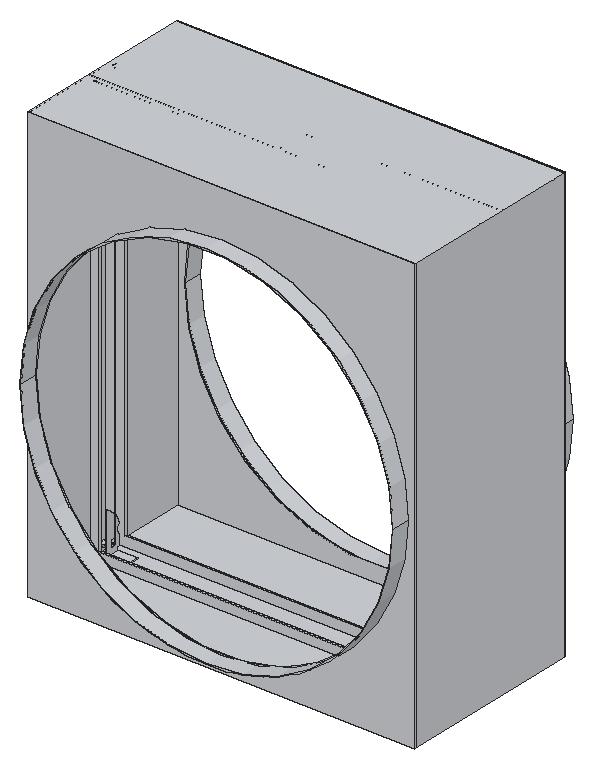
Revit family "FDD-SC", category Mechanical Equipment, Revit 2015
Parameters
  URL = "http://unitedenertech.com/catalog/pdf/A-6%20%20FDD-SC.pdf"
  Type Comments = "Max. Sizes are (Rectangular or Oval Vertical 71\"w x 32\"h) (Rectangular of Oval Horizontal 35\"w x 32\"h) (Round Vertical 31\" Diameter) (Round Horizontal 20\" Diameter) (Round LP Vertical 33\" Diameter) (Round LP Horizontal 22\" Diameter)"
  Radius OD [instance] = Radius + 0' 0 9/256"  # 1' - 0 9/256"
  Radius [instance] = Diameter / 2  # 1' - 0"
  Model = "FDD-SC"
  Manufacturer = "United Enertech Corporation"
  Keynote = "Round Transitions Shown, Consult Factory for Models with Rectangular, Oval, or Round Low Profile Transitions"
  Exact Width = Diameter + 0' 1"  # 2' - 1"
  EFL Height [instance] = Blade Pair Number * 0' 0 13/32" + 0' 0 41/64"  # 0' - 3 31/64"
  Diameter = 2' - 0"
  Description = "Curtain Fire Damper for use in Static or Dynamic Systems"
  Damper Height = if(Diameter < 1' 8 1/4", Diameter + 0' 3", if(Diameter < 2' 8 1/4", Diameter + 0' 4", if(Diameter < 3' 10 1/4", Diameter + 0' 5", Diameter + 0' 5")))  # 2' - 4"
  Depth = 1' - 0"
  Center Mark [instance] = Radius + 0' 1"  # 1' - 1"
  Blade Width [instance] = Exact Width - 0' 0 1/8"  # 2' - 0 7/8"
  Blade Pair Number [instance] = (Damper Height - 0' 0 9/128") / 0' 3 7/8"  # 7
Reference planes (in)
  plane 1 "Center (Front/Back)": y = 0
  plane 2: z = 0
  plane 3 "Center (Left/Right)": x = 0
  plane 4: x = -12.5
  plane 5: x = 12.5
  plane 6: y = -6
  plane 7: y = 6
  plane 8: z = 28
  plane 9: x = -12.4641
  plane 10: x = 12.4641
  plane 11: z = 0.0359
  plane 12: z = 27.9641
  plane 13: y = 1.09375
  plane 14: y = -1.09375
  plane 15: y = -0.96875
  plane 16: y = 0.96875
  plane 17: z = 0.6609
  plane 18: x = -11.8391
  plane 19: x = 11.8391
  plane 20: z = 27.3391
  plane 21: x = -0.25
  plane 22: x = 0.25
  plane 23: z = 24.47973
  plane 24: z = 24.51563
  plane 25: y = -6.0359
  plane 26: y = 6.0359
  plane 27: z = 1
  plane 28: y = -7.25
  plane 29: y = 7.25
  plane 30: z = 13
Forms (in)
  Extrusion 1, solid
    sketch origin (0, 0, 0) x (1, 0, 0) y (0, 0, 1)
      loop
        line (-12.4641, 27.9641) -> (-12.4641, 0.0359) -> (12.4641, 0.0359) -> (12.4641, 27.9641) -> (-12.4641, 27.9641)
      loop
        line (-12.5, 28) -> (-12.5, 0) -> (12.5, 0) -> (12.5, 28) -> (-12.5, 28)
    from -6 to 6
  Extrusion 2, solid
    sketch origin (0, 0, 0) x (1, 0, 0) y (0, 0, 1)
      loop
        line (-11.8391, 27.3391) -> (-11.8391, 0.6609) -> (11.8391, 0.6609) -> (11.8391, 27.3391) -> (-11.8391, 27.3391)
      loop
        line (-12.4641, 27.9641) -> (-12.4641, 0.0359) -> (12.4641, 0.0359) -> (12.4641, 27.9641) -> (-12.4641, 27.9641)
    from 0.96875 to 1.09375
  Extrusion 3, solid
    sketch origin (0, 0, 0) x (1, 0, 0) y (0, 0, 1)
      loop
        line (-11.8391, 27.3391) -> (-11.8391, 0.6609) -> (11.8391, 0.6609) -> (11.8391, 27.3391) -> (-11.8391, 27.3391)
      loop
        line (-12.4641, 27.9641) -> (-12.4641, 0.0359) -> (12.4641, 0.0359) -> (12.4641, 27.9641) -> (-12.4641, 27.9641)
    from -1.09375 to -0.96875
  Extrusion 4, solid
    sketch origin (0, 0, 0) x (0, 1, 0) y (0, 0, 1)
      loop
        line (0.96875, 27.9641) -> (0.93285, 27.9641) -> (0.93285, 24.47973) -> (1.43285, 24.47973) -> (1.43285, 25.14848) -> (1.39695, 25.14848) -> (1.39695, 24.51563) -> (0.96875, 24.51563) -> (0.96875, 27.9641)
    from -0.25 to 0.25
  Extrusion 5, solid
    sketch origin (0, 0, 0) x (0, -1, 0) y (0, 0, -1)
      loop
        line (0.96875, -27.9641) -> (0.96875, -24.51563) -> (1.39695, -24.51563) -> (1.39695, -25.14848) -> (1.43285, -25.14848) -> (1.43285, -24.47973) -> (0.93285, -24.47973) -> (0.93285, -27.9641) -> (0.96875, -27.9641)
    from -0.25 to 0.25
  Extrusion 6, solid
    sketch origin (0, 0, 0) x (1, 0, 0) y (0, 0, 1)
      loop
        line (-12.5, 0) -> (12.5, 0) -> (12.5, 28) -> (-12.5, 28) -> (-12.5, 0)
    from 6 to 6.0359
  Extrusion 7, solid
    sketch origin (0, 0, 0) x (1, 0, 0) y (0, 0, 1)
      loop
        line (-12.5, 0) -> (12.5, 0) -> (12.5, 28) -> (-12.5, 28) -> (-12.5, 0)
    from -6.0359 to -6
  Extrusion 8, solid
    sketch origin (0, 0, 0) x (1, 0, 0) y (0, 0, 1)
      loop
        circle (0, 13) r 12
      loop
        circle (0, 13) r 12.03516
    from 6.0359 to 7.25
  Extrusion 9, solid
    sketch origin (0, 0, 0) x (1, 0, 0) y (0, 0, -1)
      loop
        circle (0, -13) r 12
      loop
        circle (0, -13) r 12.03516
    from 6.0359 to 7.25
  Extrusion 10, solid
    sketch origin (0, 0, 0) x (1, 0, 0) y (0, 0, 1)
      loop
        line (-12.5, 28) -> (-12.5, 0) -> (12.5, 0) -> (12.5, 28) -> (-12.5, 28)
    from 6 to 6.0359
  Extrusion 11, void
    sketch origin (0, 0, 0) x (1, 0, 0) y (0, 0, 1)
      loop
        circle (0, 13) r 12
    from 6 to 12
  Extrusion 12, void
    sketch origin (0, 0, 0) x (1, 0, 0) y (0, 0, 1)
      loop
        circle (0, 13) r 12
    from -5.53745 to -13.52645
  Extrusion 13, solid
    sketch origin (0, 0, 0) x (0, 1, 0) y (0, 0, 1)
      loop
        line (0.18683, 0.46965) -> (0.18683, 24.47973) -> (0.15093, 24.47973) -> (0.15093, 0.46965) -> (0.18683, 0.46965)
    from 11.8391 to 12.4641
  Extrusion 14, solid
    sketch origin (0, 0, 0) x (0, 1, 0) y (0, 0, 1)
      loop
        line (0.18683, 0.46965) -> (0.18683, 24.47973) -> (0.15093, 24.47973) -> (0.15093, 0.46965) -> (0.18683, 0.46965)
    from -11.8391 to -12.4641
  Extrusion 15, solid
    sketch origin (0, 0, 0) x (0, 1, 0) y (0, 0, 1)
      loop
        arc (0.18683, 24.47973) -> (0.08831, 24.87226) -> (-0.15941, 25.19229) r 0.98736
        line (-0.15941, 25.19229) -> (-0.18442, 25.16728)
        arc (-0.18442, 25.16728) -> (0.05139, 24.85674) -> (0.15093, 24.47973) r 1.00288
        line (0.15093, 24.47973) -> (0.18683, 24.47973)
    from 11.8391 to 12.4641
  Extrusion 16, solid
    sketch origin (0, 0, 0) x (0, 1, 0) y (0, 0, 1)
      loop
        arc (0.18683, 24.47973) -> (0.08831, 24.87226) -> (-0.15941, 25.19229) r 0.98736
        line (-0.15941, 25.19229) -> (-0.18442, 25.16728)
        arc (-0.18442, 25.16728) -> (0.05139, 24.85674) -> (0.15093, 24.47973) r 1.00288
        line (0.15093, 24.47973) -> (0.18683, 24.47973)
    from -12.4641 to -11.8391
Cuts and joins
  Extrusion 11, Extrusion 12 cuts Extrusion 2
  Extrusion 11, Extrusion 12 cuts Extrusion 5
  Extrusion 11, Extrusion 12 cuts Extrusion 6
  Extrusion 11, Extrusion 12 cuts Extrusion 8
  Extrusion 11, Extrusion 12 cuts Extrusion 10
  Extrusion 12 cuts Extrusion 7
Dimensions and locks (in)
  equal spacing: plane 4, plane 3 "Center (Left/Right)", plane 5
  "Exact Width": plane 4 to plane 5
  equal spacing: plane 7, plane 1 "Center (Front/Back)", plane 6
  "Depth": plane 7 to plane 6
  "Damper Height": plane 8 to level
  locked: plane 9 to plane 4 at 0.0359
  locked: plane 5 to plane 10 at 0.0359
  locked: plane 8 to plane 12 at 0.0359
  locked: plane 11 to level at 0.0359
  locked: plane 13 to plane 14 at 2.1875
  locked: plane 15 to plane 14 at 0.125
  locked: plane 13 to plane 16 at 0.125
  locked: plane 18 to plane 9 at 0.625
  locked: plane 10 to plane 19 at 0.625
  locked: plane 17 to plane 11 at 0.625
  locked: plane 12 to plane 20 at 0.625
  equal spacing: group 1, group 2, group 3, group 4, group 5, group 6, group 7  (x2)
  equal spacing: group 7, group 6, group 5, group 4, group 3, group 2, group 1
  locked: nested 1 to nested 2 at 0.40625
  "EFL Height": plane 12 to plane 23
  locked: plane 24 to plane 23 at 0.0359
  locked: plane 6 to plane 25 at 0.0359
  locked: plane 7 to plane 26 at 0.0359
  locked: plane 27 to level at 1
  locked: plane 6 to plane 28 at 1.25
  locked: plane 29 to plane 7 at 1.25
  "Center Mark": plane 30 to level
  "Radius OD": radius of Extrusion 8 sketch curve
  "Radius": radius of Extrusion 8 sketch curve
  "Radius OD": radius of Extrusion 9 sketch curve
  "Radius": radius of Extrusion 9 sketch curve
  "Radius": radius of Extrusion 11 sketch curve
  "Radius": radius of Extrusion 12 sketch curve
  aligned and locked: level to plane 2
  aligned and locked: level to Extrusion 1 sketch curve
  aligned and locked: Extrusion 1 sketch curve to plane 4
  aligned and locked: Extrusion 1 sketch curve to plane 5
  aligned and locked: Extrusion 1 sketch curve to plane 8
  aligned and locked: Extrusion 1 sketch curve to plane 12
  aligned and locked: Extrusion 1 sketch curve to plane 10
  aligned and locked: plane 11 to Extrusion 1 sketch curve
  aligned and locked: plane 9 to Extrusion 1 sketch curve
  aligned and locked: plane 7 to Extrusion 1
  aligned and locked: Extrusion 1 to plane 6
  aligned and locked: plane 11 to Extrusion 2 sketch curve
  aligned and locked: plane 9 to Extrusion 2 sketch curve
  aligned and locked: Extrusion 2 sketch curve to plane 10
  aligned and locked: Extrusion 2 sketch curve to plane 12
  aligned and locked: Extrusion 2 sketch curve to plane 20
  aligned and locked: Extrusion 2 sketch curve to plane 19
  aligned and locked: plane 17 to Extrusion 2 sketch curve
  aligned and locked: Extrusion 2 sketch curve to plane 18
  aligned and locked: plane 13 to Extrusion 3
  aligned and locked: Extrusion 3 to plane 16
  aligned and locked: plane 15 to Extrusion 2
  aligned and locked: Extrusion 2 to plane 14
  aligned and locked: plane 3 "Center (Left/Right)" to nested 1
  aligned and locked: plane 12 to nested 1
  aligned and locked: plane 21 to Extrusion 5
  aligned and locked: plane 21 to Extrusion 4
  aligned and locked: plane 22 to Extrusion 5
  aligned and locked: plane 22 to Extrusion 4
  aligned and locked: Extrusion 5 sketch curve to plane 23
  aligned and locked: plane 23 to Extrusion 4 sketch curve
  aligned and locked: plane 24 to Extrusion 4 sketch curve
  aligned and locked: Extrusion 5 sketch curve to plane 24
  aligned and locked: nested 4 to plane 24
  aligned and locked: Extrusion 6 sketch curve to level
  aligned and locked: plane 4 to Extrusion 6 sketch curve
  aligned and locked: plane 5 to Extrusion 6 sketch curve
  aligned and locked: plane 8 to Extrusion 6 sketch curve
  aligned and locked: plane 6 to Extrusion 6
  aligned and locked: Extrusion 6 to plane 25
  aligned and locked: Extrusion 7 to plane 26
  aligned and locked: Extrusion 7 to plane 7
  aligned and locked: plane 25 to Extrusion 8
  aligned and locked: Extrusion 8 to plane 28
  aligned and locked: plane 26 to Extrusion 9
  aligned and locked: Extrusion 9 to plane 29
  aligned and locked: plane 6 to Extrusion 10
  aligned and locked: Extrusion 10 to plane 25
  aligned and locked: plane 6 to Extrusion 11
  aligned and locked: nested 6 to plane 9
  aligned and locked: plane 10 to nested 7
  aligned and locked: Extrusion 13 sketch curve to plane 23
  aligned and locked: Extrusion 14 to plane 9
  aligned and locked: Extrusion 14 to plane 18
  aligned and locked: Extrusion 13 to plane 19
  aligned and locked: Extrusion 13 to plane 10
  aligned and locked: Extrusion 15 sketch curve to plane 23
  aligned and locked: Extrusion 16 to plane 9
  aligned and locked: Extrusion 16 to plane 18
  aligned and locked: plane 10 to Extrusion 15
  aligned and locked: Extrusion 15 to plane 19
Automatic sketch dimensions
  Extrusion 3 sketch curve to plane 9 = 0' - 0"
  Extrusion 3 sketch curve to plane 17 = 0' - 0"
  plane 18 to Extrusion 3 sketch curve = 0' - 0"
  Extrusion 3 sketch curve to plane 19 = 0' - 0"
  plane 10 to Extrusion 3 sketch curve = 0' - 0"
  Extrusion 3 sketch curve to plane 11 = 0' - 0"
  Extrusion 3 sketch curve to plane 20 = 0' - 0"
  Extrusion 3 sketch curve to plane 12 = 0' - 0"
  Extrusion 4 sketch curve to plane 12 = 0' - 0"
  Extrusion 4 sketch curve to plane 16 = 0' - 0"
  Extrusion 4 sketch curve to plane 16 = 0' - 0.0359"
  plane 13 to Extrusion 4 sketch curve = 0' - 0.3032"
  Extrusion 4 sketch curve to Extrusion 4 sketch curve = 0' - 0.0359"
  plane 24 to Extrusion 4 sketch curve = 0' - 0.63285"
  Extrusion 5 sketch curve to plane 12 = 0' - 0"
  Extrusion 5 sketch curve to plane 15 = 0' - 0"
  Extrusion 5 sketch curve to plane 15 = 0' - 0.0359"
  plane 14 to Extrusion 5 sketch curve = 0' - 0.3032"
  Extrusion 5 sketch curve to Extrusion 5 sketch curve = 0' - 0.0359"
  Extrusion 5 sketch curve to plane 24 = 0' - 0.63285"
  plane 4 to Extrusion 7 sketch curve = 0' - 0"
  Extrusion 7 sketch curve to plane 5 = 0' - 0"
  Extrusion 7 sketch curve to level = 0' - 0"
  Extrusion 7 sketch curve to plane 8 = 0' - 0"
  Extrusion 10 sketch curve to level = 0' - 0"
  plane 4 to Extrusion 10 sketch curve = 0' - 0"
  Extrusion 10 sketch curve to plane 5 = 0' - 0"
  Extrusion 10 sketch curve to plane 8 = 0' - 0"
  Extrusion 13 sketch curve to plane 1 "Center (Front/Back)" = 0' - 0.15093"
  Extrusion 13 sketch curve to Extrusion 13 sketch curve = 0' - 0.0359"
  Extrusion 13 sketch curve to plane 17 = 0' - 0.19125"
  Extrusion 14 sketch curve to plane 23 = 0' - 0"
  Extrusion 14 sketch curve to plane 1 "Center (Front/Back)" = 0' - 0.15093"
  Extrusion 14 sketch curve to Extrusion 14 sketch curve = 0' - 0.0359"
  Extrusion 14 sketch curve to plane 17 = 0' - 0.19125"
  plane 15 to Extrusion 15 sketch curve = 0' - 0.11876"
  Extrusion 15 sketch curve to Extrusion 15 sketch curve = 0' - 0.05023"
  plane 1 "Center (Front/Back)" to Extrusion 15 sketch curve = 0' - 0.18442"
  Extrusion 15 sketch curve to Extrusion 15 sketch curve = 0' - 0.02501"
  Extrusion 15 sketch curve to plane 1 "Center (Front/Back)" = 0' - 0.15093"
  Extrusion 15 sketch curve to Extrusion 15 sketch curve = 0' - 0.0359"
  Extrusion 15 sketch curve to plane 23 = 0' - 0.03898"
  Extrusion 15 sketch curve to Extrusion 15 sketch curve = 0' - 0.02364"
  Extrusion 16 sketch curve to plane 23 = 0' - 0"
  plane 15 to Extrusion 16 sketch curve = 0' - 0.11876"
  Extrusion 16 sketch curve to Extrusion 16 sketch curve = 0' - 0.05023"
  plane 1 "Center (Front/Back)" to Extrusion 16 sketch curve = 0' - 0.18442"
  Extrusion 16 sketch curve to Extrusion 16 sketch curve = 0' - 0.02501"
  Extrusion 16 sketch curve to plane 1 "Center (Front/Back)" = 0' - 0.15093"
  Extrusion 16 sketch curve to Extrusion 16 sketch curve = 0' - 0.0359"
  Extrusion 16 sketch curve to plane 23 = 0' - 0.03898"
  Extrusion 16 sketch curve to Extrusion 16 sketch curve = 0' - 0.02364"
  Extrusion 8 sketch curve to Extrusion 8 sketch curve = 0' - 0"  (x2)
  Extrusion 8 sketch curve to plane 3 "Center (Left/Right)" = 0' - 0"
  Extrusion 8 sketch curve to plane 30 = 0' - 0"
  Extrusion 9 sketch curve to Extrusion 9 sketch curve = 0' - 0"  (x2)
  Extrusion 9 sketch curve to plane 3 "Center (Left/Right)" = 0' - 0"
  Extrusion 9 sketch curve to plane 30 = 0' - 0"
  Extrusion 11 sketch curve to plane 3 "Center (Left/Right)" = 0' - 0"
  Extrusion 11 sketch curve to plane 30 = 0' - 0"
  Extrusion 12 sketch curve to plane 3 "Center (Left/Right)" = 0' - 0"
  Extrusion 12 sketch curve to plane 30 = 0' - 0"
Nested families (in)
  nested 1: "FD-SALB BLADESEDITED" at (0, 1.17008, 27.12138), type "FD-SALB BLADESEDITED"
    with Blade Width 2' - 0 7/8"
  nested 2: "FD-SALB BLADESEDITED" at (0, 1.17008, 26.71513), type "FD-SALB BLADESEDITED"
    with Blade Width 2' - 0 7/8"
  nested 3: "FD-SALB BLADESEDITED" at (0, 1.17008, 26.30888), type "FD-SALB BLADESEDITED"
    with Blade Width 2' - 0 7/8"
  nested 4: "EFL" at (4.62017, 3.54736, 24.51563), type "EFL"
  nested 5: "FD-SALB BLADESEDITED" at (0, 1.17008, 25.90263), type "FD-SALB BLADESEDITED"
    with Blade Width 2' - 0 7/8"
  nested 6: "Fire Damper Spring" at (-11.91019, -4.48368, -2.82915) x (0, 1, 0) z (0, 0, 1), type "Fire Damper Spring"
  nested 7: "Fire Damper Spring" at (11.91019, -4.48368, -2.82915) x (0, 1, 0) z (0, 0, 1), type "Fire Damper Spring"
  nested 8: "FD-SALB BLADESEDITED" at (0, 1.17008, 25.49638), type "FD-SALB BLADESEDITED"
    with Blade Width 2' - 0 7/8"
  nested 9: "FD-SALB BLADESEDITED" at (0, 1.17008, 25.09013), type "FD-SALB BLADESEDITED"
    with Blade Width 2' - 0 7/8"
  nested 10: "FD-SALB BLADESEDITED" at (0, 1.17008, 24.68388), type "FD-SALB BLADESEDITED"
    with Blade Width 2' - 0 7/8"
Definition of nested family "FD-SALB BLADESEDITED"
  Parameters (values of type "FD-SALB BLADESEDITED")
    Blade Width = 1' - 11 7/8"
  Reference planes (in)
    plane 1 "Center (Front/Back)": y = 0
    plane 2: z = 0
    plane 3 "Center (Left/Right)": x = 0
    plane 4: x = -11.9375
    plane 5: x = 11.9375
  Forms (in)
    Extrusion 1, solid
      sketch origin (0, 0, 0) x (0, 1, 0) y (0, 0, 1)
        loop
          line (-0.31672, 0.53073) -> (-0.3446, 0.62657)
          arc (-0.3446, 0.62657) -> (-0.33726, 0.6415) -> (-0.32269, 0.63348) r 0.0115
          line (-0.32269, 0.63348) -> (-0.30545, 0.53536)
          arc (-0.30545, 0.53536) -> (-0.31611, 0.49773) -> (-0.35217, 0.48264) r 0.045
          line (-0.35217, 0.48264) -> (-0.39872, 0.48554)
          arc (-0.39872, 0.48554) -> (-0.42675, 0.49692) -> (-0.44125, 0.52348) r 0.045
          line (-0.44125, 0.52348) -> (-0.47071, 0.66865)
          arc (-0.47071, 0.66865) -> (-0.48965, 0.70349) -> (-0.5262, 0.7189) r 0.06
          line (-0.5262, 0.7189) -> (-1.55698, 0.78305) -> (-1.76244, 0.79584)
          arc (-1.76244, 0.79584) -> (-1.79846, 0.78683) -> (-1.82228, 0.75836) r 0.06
          line (-1.82228, 0.75836) -> (-1.88016, 0.61423)
          arc (-1.88016, 0.61423) -> (-1.90974, 0.57877) -> (-1.95445, 0.56733) r 0.075
          arc (-1.95445, 0.56733) -> (-2.03902, 0.60869) -> (-2.06957, 0.69773) r 0.123
          line (-2.06957, 0.69773) -> (-2.06418, 0.78456)
          arc (-2.06418, 0.78456) -> (-2.05371, 0.80551) -> (-2.03138, 0.81256) r 0.03
          line (-2.03138, 0.81256) -> (-1.90763, 0.80489) -> (-1.90763, 0.8362) -> (-2.01284, 0.84272) -> (-2.04641, 0.84272)
          arc (-2.04641, 0.84272) -> (-2.08042, 0.82292) -> (-2.09536, 0.7865) r 0.06125
          line (-2.09536, 0.7865) -> (-2.10077, 0.69966)
          arc (-2.10077, 0.69966) -> (-2.06244, 0.58801) -> (-1.95639, 0.53614) r 0.15425
          arc (-1.95639, 0.53614) -> (-1.89306, 0.55235) -> (-1.8512, 0.60257) r 0.10625
          line (-1.8512, 0.60257) -> (-1.7933, 0.74674)
          arc (-1.7933, 0.74674) -> (-1.78183, 0.76038) -> (-1.76452, 0.76466) r 0.02875
          line (-1.76452, 0.76466) -> (-1.55892, 0.75186) -> (-0.52813, 0.68773)
          arc (-0.52813, 0.68773) -> (-0.51045, 0.68016) -> (-0.50148, 0.66314) r 0.02875
          line (-0.50148, 0.66314) -> (-0.47199, 0.51784)
          arc (-0.47199, 0.51784) -> (-0.4474, 0.47346) -> (-0.4004, 0.45434) r 0.07625
          line (-0.4004, 0.45434) -> (-0.35398, 0.45144)
          arc (-0.35398, 0.45144) -> (-0.29278, 0.47694) -> (-0.27468, 0.54073) r 0.07625
          line (-0.27468, 0.54073) -> (-0.29191, 0.63889)
          arc (-0.29191, 0.63889) -> (-0.33988, 0.67434) -> (-0.37768, 0.6282) r 0.04327
          line (-0.37768, 0.6282) -> (-0.34677, 0.52199) -> (-0.31672, 0.53073)
      from -11.9375 to 11.9375
    Extrusion 2, solid
      sketch origin (0, 0, 0) x (0, 1, 0) y (0, 0, 1)
        loop
          arc (-0.31635, 0.67497) -> (-0.29361, 0.66856) -> (-0.28256, 0.64768) r 0.03
          line (-0.28256, 0.64768) -> (-0.2714, 0.56286)
          arc (-0.2714, 0.56286) -> (-0.29582, 0.47194) -> (-0.37737, 0.42491) r 0.123
          arc (-0.37737, 0.42491) -> (-0.42275, 0.43328) -> (-0.45469, 0.46664) r 0.075
          line (-0.45469, 0.46664) -> (-0.52225, 0.60648)
          arc (-0.52225, 0.60648) -> (-0.54755, 0.63305) -> (-0.58358, 0.63992) r 0.06
          line (-0.58358, 0.63992) -> (-0.78858, 0.61304) -> (-1.81262, 0.47877)
          arc (-1.81262, 0.47877) -> (-1.84723, 0.46173) -> (-1.86432, 0.42714) r 0.06
          line (-1.86432, 0.42714) -> (-1.88437, 0.27537)
          arc (-1.88437, 0.27537) -> (-1.89734, 0.2499) -> (-1.92301, 0.23735) r 0.045
          line (-1.92301, 0.23735) -> (-1.96868, 0.2314)
          arc (-1.96868, 0.2314) -> (-2.00696, 0.24361) -> (-2.02023, 0.28153) r 0.045
          line (-2.02023, 0.28153) -> (-2.00995, 0.379)
          arc (-2.00995, 0.379) -> (-1.99657, 0.38882) -> (-1.98728, 0.37505) r 0.0115
          line (-1.98728, 0.37505) -> (-2.00879, 0.27676) -> (-1.97772, 0.26996) -> (-1.95543, 0.37179)
          arc (-1.95543, 0.37179) -> (-1.99381, 0.41919) -> (-2.04121, 0.38081) r 0.04313
          line (-2.04121, 0.38081) -> (-2.05127, 0.28509)
          arc (-2.05127, 0.28509) -> (-2.02877, 0.22122) -> (-1.96431, 0.20045) r 0.07625
          line (-1.96431, 0.20045) -> (-1.91897, 0.20638)
          arc (-1.91897, 0.20638) -> (-1.87533, 0.22771) -> (-1.85342, 0.27106) r 0.07625
          line (-1.85342, 0.27106) -> (-1.83333, 0.42305)
          arc (-1.83333, 0.42305) -> (-1.82514, 0.43962) -> (-1.80853, 0.44779) r 0.02875
          line (-1.80853, 0.44779) -> (-0.78452, 0.58205) -> (-0.57967, 0.60892)
          arc (-0.57967, 0.60892) -> (-0.56246, 0.60559) -> (-0.55039, 0.5929) r 0.02875
          line (-0.55039, 0.5929) -> (-0.48278, 0.45303)
          arc (-0.48278, 0.45303) -> (-0.4376, 0.40578) -> (-0.37331, 0.39393) r 0.10625
          arc (-0.37331, 0.39393) -> (-0.27103, 0.4529) -> (-0.24041, 0.56695) r 0.15425
          line (-0.24041, 0.56695) -> (-0.2515, 0.65113)
          arc (-0.2515, 0.65113) -> (-0.27433, 0.69316) -> (-0.32041, 0.70596) r 0.06125
          line (-0.32041, 0.70596) -> (-0.44437, 0.68971) -> (-0.44031, 0.65872) -> (-0.31635, 0.67497)
      from -11.9375 to 11.9375
  Dimensions and locks (in)
    equal spacing: plane 4, plane 3 "Center (Left/Right)", plane 5
    "Blade Width": plane 4 to plane 5
    aligned and locked: level to plane 2
    aligned and locked: plane 4 to Extrusion 1
    aligned and locked: plane 4 to Extrusion 2
    aligned and locked: plane 5 to Extrusion 1
    aligned and locked: plane 5 to Extrusion 2
  Automatic sketch dimensions
    Extrusion 2 sketch curve to Extrusion 2 sketch curve = 0' - 0"  (x35)
    level to Extrusion 2 sketch curve = 0' - 0.28509"
    plane 1 "Center (Front/Back)" to Extrusion 2 sketch curve = 0' - 2.05127"
    level to Extrusion 2 sketch curve = 0' - 0.38081"
    Extrusion 2 sketch curve to Extrusion 2 sketch curve = 0' - 0.01006"
    level to Extrusion 2 sketch curve = 0' - 0.28153"
    Extrusion 2 sketch curve to Extrusion 2 sketch curve = 0' - 0.03105"
    level to Extrusion 2 sketch curve = 0' - 0.27676"
    Extrusion 2 sketch curve to Extrusion 2 sketch curve = 0' - 0.01143"  (x2)
    Extrusion 2 sketch curve to Extrusion 2 sketch curve = 0' - 0.04266"
    Extrusion 2 sketch curve to Extrusion 2 sketch curve = 0' - 0.00023"
    level to Extrusion 2 sketch curve = 0' - 0.26996"
    Extrusion 2 sketch curve to Extrusion 2 sketch curve = 0' - 0.03107"
    Extrusion 2 sketch curve to Extrusion 2 sketch curve = 0' - 0.00213"
    level to Extrusion 2 sketch curve = 0' - 0.2314"
    Extrusion 2 sketch curve to Extrusion 2 sketch curve = 0' - 0.00904"
    level to Extrusion 2 sketch curve = 0' - 0.20045"
    level to Extrusion 2 sketch curve = 0' - 0.37179"
    Extrusion 2 sketch curve to Extrusion 2 sketch curve = 0' - 0.0467"
    level to Extrusion 2 sketch curve = 0' - 0.27537"
    Extrusion 2 sketch curve to Extrusion 2 sketch curve = 0' - 0.04451"
    level to Extrusion 2 sketch curve = 0' - 0.27106"
    Extrusion 2 sketch curve to Extrusion 2 sketch curve = 0' - 0.03095"
    Extrusion 2 sketch curve to Extrusion 2 sketch curve = 0' - 0.0486"
    plane 1 "Center (Front/Back)" to Extrusion 2 sketch curve = 0' - 0.78452"
    Extrusion 2 sketch curve to Extrusion 2 sketch curve = 0' - 0.20094"
    Extrusion 2 sketch curve to Extrusion 2 sketch curve = 0' - 0 1/256"  (x2)
    Extrusion 2 sketch curve to Extrusion 2 sketch curve = 0' - 0.0034"
    Extrusion 2 sketch curve to Extrusion 2 sketch curve = 0' - 0.13921"
    Extrusion 2 sketch curve to Extrusion 2 sketch curve = 0' - 0.00406"  (x3)
    Extrusion 2 sketch curve to Extrusion 2 sketch curve = 0' - 0.04695"
    Extrusion 2 sketch curve to Extrusion 2 sketch curve = 0' - 0.00624"
    Extrusion 2 sketch curve to Extrusion 2 sketch curve = 0' - 0.0809"
    Extrusion 2 sketch curve to Extrusion 2 sketch curve = 0' - 0.0299"
    Extrusion 2 sketch curve to Extrusion 2 sketch curve = 0' - 0.03106"
    Extrusion 2 sketch curve to Extrusion 2 sketch curve = 0' - 0.00661"
    Extrusion 2 sketch curve to Extrusion 2 sketch curve = 0' - 0.00119"
    Extrusion 2 sketch curve to Extrusion 2 sketch curve = 0' - 0.14822"
    level to Extrusion 2 sketch curve = 0' - 0.49927"
    Extrusion 2 sketch curve to Extrusion 2 sketch curve = 0' - 0.04759"
    Extrusion 2 sketch curve to Extrusion 2 sketch curve = 0' - 0.0335"
    Extrusion 2 sketch curve to Extrusion 2 sketch curve = 0' - 0.00168"
    Extrusion 2 sketch curve to Extrusion 2 sketch curve = 0' - 0.02855"
    Extrusion 2 sketch curve to Extrusion 2 sketch curve = 0' - 0.031"
    Extrusion 2 sketch curve to Extrusion 2 sketch curve = 0' - 0.09835"
    Extrusion 2 sketch curve to Extrusion 2 sketch curve = 0' - 0.00246"
    Extrusion 2 sketch curve to Extrusion 2 sketch curve = 0' - 0.00345"
    Extrusion 2 sketch curve to Extrusion 2 sketch curve = 0' - 0.11186"
    Extrusion 2 sketch curve to Extrusion 2 sketch curve = 0' - 0.03098"  (x3)
    level to Extrusion 2 sketch curve = 0' - 0.37898"
    Extrusion 2 sketch curve to Extrusion 2 sketch curve = 0' - 0.00003"  (x4)
    Extrusion 2 sketch curve to Extrusion 2 sketch curve = 0' - 0.01101"
    level to Extrusion 2 sketch curve = 0' - 0.37505"
    Extrusion 2 sketch curve to Extrusion 2 sketch curve = 0' - 0.00585"
    level to Extrusion 2 sketch curve = 0' - 0.23735"
    Extrusion 2 sketch curve to Extrusion 2 sketch curve = 0' - 0.00404"
    level to Extrusion 2 sketch curve = 0' - 0.20636"
    level to Extrusion 2 sketch curve = 0' - 0.42714"
    Extrusion 2 sketch curve to Extrusion 2 sketch curve = 0' - 0.0595"
    level to Extrusion 2 sketch curve = 0' - 0.42305"
    Extrusion 2 sketch curve to Extrusion 2 sketch curve = 0' - 0.02852"
    Extrusion 2 sketch curve to Extrusion 2 sketch curve = 0' - 0.0207"
    level to Extrusion 2 sketch curve = 0' - 0.47878"
    Extrusion 2 sketch curve to Extrusion 2 sketch curve = 0' - 0.00374"
    level to Extrusion 2 sketch curve = 0' - 0.44779"
    Extrusion 2 sketch curve to Extrusion 2 sketch curve = 0' - 0.02588"
    Extrusion 2 sketch curve to Extrusion 2 sketch curve = 0' - 0.02814"
    Extrusion 2 sketch curve to Extrusion 2 sketch curve = 0' - 0.0957"
    Extrusion 2 sketch curve to Extrusion 2 sketch curve = 0' - 0.00004"  (x2)
    Extrusion 2 sketch curve to Extrusion 2 sketch curve = 0' - 0.02809"
    Extrusion 2 sketch curve to Extrusion 2 sketch curve = 0' - 0.00975"
    Extrusion 2 sketch curve to Extrusion 2 sketch curve = 0' - 0.00796"
    Extrusion 2 sketch curve to Extrusion 2 sketch curve = 0' - 0.01116"
    Extrusion 2 sketch curve to Extrusion 2 sketch curve = 0' - 0.00002"
    Extrusion 1 sketch curve to Extrusion 1 sketch curve = 0' - 0"  (x30)
    level to Extrusion 1 sketch curve = 0' - 0.7827"
    plane 1 "Center (Front/Back)" to Extrusion 1 sketch curve = 0' - 2.03423"
    Extrusion 1 sketch curve to Extrusion 1 sketch curve = 0' - 0.00284"
    Extrusion 1 sketch curve to Extrusion 1 sketch curve = 0' - 0.01854"
    Extrusion 1 sketch curve to Extrusion 1 sketch curve = 0' - 0.08443"
    Extrusion 1 sketch curve to Extrusion 1 sketch curve = 0' - 0.00298"
    Extrusion 1 sketch curve to Extrusion 1 sketch curve = 0' - 0.03918"
    Extrusion 1 sketch curve to Extrusion 1 sketch curve = 0' - 0.14102"
    level to Extrusion 1 sketch curve = 0' - 0.76466"
    Extrusion 1 sketch curve to Extrusion 1 sketch curve = 0' - 0.00209"
    level to Extrusion 1 sketch curve = 0' - 0.79584"
    Extrusion 1 sketch curve to Extrusion 1 sketch curve = 0' - 0.00208"  (x2)
    level to Extrusion 1 sketch curve = 0' - 0.75186"
    Extrusion 1 sketch curve to Extrusion 1 sketch curve = 0' - 0.2056"
    Extrusion 1 sketch curve to Extrusion 1 sketch curve = 0' - 0.00194"  (x2)
    plane 1 "Center (Front/Back)" to Extrusion 1 sketch curve = 0' - 0.52993"
    Extrusion 1 sketch curve to Extrusion 1 sketch curve = 0' - 0.02845"
    Extrusion 1 sketch curve to Extrusion 1 sketch curve = 0' - 0.02949"
    Extrusion 1 sketch curve to Extrusion 1 sketch curve = 0' - 0.03077"  (x2)
    Extrusion 1 sketch curve to Extrusion 1 sketch curve = 0' - 0.03074"
    Extrusion 1 sketch curve to Extrusion 1 sketch curve = 0' - 0.04085"
    Extrusion 1 sketch curve to Extrusion 1 sketch curve = 0' - 0.00168"
    Extrusion 1 sketch curve to Extrusion 1 sketch curve = 0' - 0.04445"
    Extrusion 1 sketch curve to Extrusion 1 sketch curve = 0' - 0.01912"
    Extrusion 1 sketch curve to Extrusion 1 sketch curve = 0' - 0.04641"
    Extrusion 1 sketch curve to Extrusion 1 sketch curve = 0' - 0.00182"
    Extrusion 1 sketch curve to Extrusion 1 sketch curve = 0' - 0.00238"
    Extrusion 1 sketch curve to Extrusion 1 sketch curve = 0' - 0.00302"
    Extrusion 1 sketch curve to Extrusion 1 sketch curve = 0' - 0.03307"
    Extrusion 1 sketch curve to Extrusion 1 sketch curve = 0' - 0.01008"
    Extrusion 1 sketch curve to Extrusion 1 sketch curve = 0' - 0.00072"
    Extrusion 1 sketch curve to Extrusion 1 sketch curve = 0' - 0.01112"
    Extrusion 1 sketch curve to Extrusion 1 sketch curve = 0' - 0.03006"
    Extrusion 1 sketch curve to Extrusion 1 sketch curve = 0' - 0.03078"
    Extrusion 1 sketch curve to Extrusion 1 sketch curve = 0' - 0.02867"
    Extrusion 1 sketch curve to Extrusion 1 sketch curve = 0' - 0.09261"
    level to Extrusion 1 sketch curve = 0' - 0.66865"
    Extrusion 1 sketch curve to Extrusion 1 sketch curve = 0' - 0.00551"
    Extrusion 1 sketch curve to Extrusion 1 sketch curve = 0' - 0.00412"
    Extrusion 1 sketch curve to Extrusion 1 sketch curve = 0' - 0.04791"
    Extrusion 1 sketch curve to Extrusion 1 sketch curve = 0' - 0.02976"
    Extrusion 1 sketch curve to Extrusion 1 sketch curve = 0' - 0.00541"
    Extrusion 1 sketch curve to Extrusion 1 sketch curve = 0' - 0.00087"
    Extrusion 1 sketch curve to Extrusion 1 sketch curve = 0' - 0.00852"
    Extrusion 1 sketch curve to Extrusion 1 sketch curve = 0' - 0.00559"
    Extrusion 1 sketch curve to Extrusion 1 sketch curve = 0' - 0.00702"
    Extrusion 1 sketch curve to Extrusion 1 sketch curve = 0' - 0.00564"
    Extrusion 1 sketch curve to Extrusion 1 sketch curve = 0' - 0.03935"
    Extrusion 1 sketch curve to Extrusion 1 sketch curve = 0' - 0.0312"
    Extrusion 1 sketch curve to Extrusion 1 sketch curve = 0' - 0.03119"
    Extrusion 1 sketch curve to Extrusion 1 sketch curve = 0' - 0.1148"
    Extrusion 1 sketch curve to Extrusion 1 sketch curve = 0' - 0.03131"
    Extrusion 1 sketch curve to Extrusion 1 sketch curve = 0' - 0.02994"
    level to Extrusion 1 sketch curve = 0' - 0.78456"
    Extrusion 1 sketch curve to Extrusion 1 sketch curve = 0' - 0.00539"
    level to Extrusion 1 sketch curve = 0' - 0.69772"
    Extrusion 1 sketch curve to Extrusion 1 sketch curve = 0' - 0.03117"
    Extrusion 1 sketch curve to Extrusion 1 sketch curve = 0' - 0.03118"
    level to Extrusion 1 sketch curve = 0' - 0.69966"
    Extrusion 1 sketch curve to Extrusion 1 sketch curve = 0' - 0.03357"
    Extrusion 1 sketch curve to Extrusion 1 sketch curve = 0' - 0.0066"
    Extrusion 1 sketch curve to Extrusion 1 sketch curve = 0' - 0.06959"
    level to Extrusion 1 sketch curve = 0' - 0.61423"
    Extrusion 1 sketch curve to Extrusion 1 sketch curve = 0' - 0.00004"  (x2)
    Extrusion 1 sketch curve to Extrusion 1 sketch curve = 0' - 0.02896"
    level to Extrusion 1 sketch curve = 0' - 0.60259"
    level to Extrusion 1 sketch curve = 0' - 0.75838"
    Extrusion 1 sketch curve to Extrusion 1 sketch curve = 0' - 0.05778"
    level to Extrusion 1 sketch curve = 0' - 0.74674"
    Extrusion 1 sketch curve to Extrusion 1 sketch curve = 0' - 0.02669"
    Extrusion 1 sketch curve to Extrusion 1 sketch curve = 0' - 0.00179"
    Extrusion 1 sketch curve to Extrusion 1 sketch curve = 0' - 0.00193"
    Extrusion 1 sketch curve to Extrusion 1 sketch curve = 0' - 0.01125"
    Extrusion 1 sketch curve to Extrusion 1 sketch curve = 0' - 0.00003"
    Extrusion 1 sketch curve to Extrusion 1 sketch curve = 0' - 0.05622"
    Extrusion 1 sketch curve to Extrusion 1 sketch curve = 0' - 0.03016"
Definition of nested family "EFL"
  Reference planes (in)
    plane 1 "Center (Front/Back)": y = 0
    plane 2: z = 0
    plane 3 "Center (Left/Right)": x = 0
  Forms (in)
    Extrusion 1, solid
      sketch origin (0, 0, 0) x (1, 0, 0) y (0, 1, 0)
        loop
          arc (-4.87017, -4.05324) -> (-4.81525, -4.18582) -> (-4.68267, -4.24074) r 0.1875
          line (-4.68267, -4.24074) -> (-4.55767, -4.24074)
          arc (-4.55767, -4.24074) -> (-4.42508, -4.18582) -> (-4.37017, -4.05324) r 0.1875
          line (-4.37017, -4.05324) -> (-4.37017, -3.41574) -> (-4.87017, -3.41574) -> (-4.87017, -4.05324)
        loop
          circle (-4.62017, -4.05324) r 0.0625
      from 0.1 to 0.05
    Extrusion 2, solid
      sketch origin (-9.24033, -7.08147, 0) x (-1, 0, 0) y (0, -1, 0)
        loop
          arc (-4.87017, -4.05324) -> (-4.81525, -4.18582) -> (-4.68267, -4.24074) r 0.1875
          line (-4.68267, -4.24074) -> (-4.55767, -4.24074)
          arc (-4.55767, -4.24074) -> (-4.42508, -4.18582) -> (-4.37017, -4.05324) r 0.1875
          line (-4.37017, -4.05324) -> (-4.37017, -3.41574) -> (-4.87017, -3.41574) -> (-4.87017, -4.05324)
        loop
          circle (-4.62017, -4.05324) r 0.0625
      from 0 to 0.05
    Sweep 3, solid
      path in 3D
        loop
          line (-4.62017, -4.16421, 0) -> (-4.62017, -4.22608, 0)
          arc (-4.62017, -4.22608, 0) -> (-4.65678, -4.31447, 0) -> (-4.74517, -4.35108, 0) r 0.125
          line (-4.74517, -4.35108, 0) -> (-4.92568, -4.35108, 0)
          arc (-4.92568, -4.35108, 0) -> (-5.02859, -4.454, 0) -> (-4.92568, -4.55691, 0) r 0.10291
          line (-4.92568, -4.55691, 0) -> (-4.62017, -4.55691, 0) -> (-4.31465, -4.55691, 0)
          arc (-4.31465, -4.55691, 0) -> (-4.21174, -4.454, 0) -> (-4.31465, -4.35108, 0) r 0.10291
          line (-4.31465, -4.35108, 0) -> (-4.58427, -4.35108, 0)
      profile origin (-4.62017, -4.19515, 0) x (1, 0, 0) y (0, 0, 1)
        loop
          circle (0, 0) r 0.03202
    Sweep 4, solid
      path in 3D
        loop
          line (-4.62017, -4.283, 0.1526) -> (-4.62017, -4.12297, 0.1526)
          arc (-4.62017, -4.12297, 0.1526) -> (-4.62017, -4.04635, 0.07598) -> (-4.62017, -4.12297, -0.00063) r 0.07662
          line (-4.62017, -4.12297, -0.00063) -> (-4.62017, -4.16421, -0.00063)
      profile origin (-4.62017, -4.14359, -0.00063) x (0, 0, -1) y (1, 0, 0)
        loop
          circle (0, 0) r 0.03138
    Sweep 5, solid
      path in 3D
        loop
          line (-4.62017, -2.91726, 0) -> (-4.62017, -2.85539, 0)
          arc (-4.62017, -2.85539, 0) -> (-4.65678, -2.767, 0) -> (-4.74517, -2.73039, 0) r 0.125
          line (-4.74517, -2.73039, 0) -> (-4.92568, -2.73039, 0)
          arc (-4.92568, -2.73039, 0) -> (-5.02859, -2.62747, 0) -> (-4.92568, -2.52456, 0) r 0.10291
          line (-4.92568, -2.52456, 0) -> (-4.62017, -2.52456, 0) -> (-4.31465, -2.52456, 0)
          arc (-4.31465, -2.52456, 0) -> (-4.21174, -2.62747, 0) -> (-4.31465, -2.73039, 0) r 0.10291
          line (-4.31465, -2.73039, 0) -> (-4.58427, -2.73039, 0)
      profile origin (-4.62017, -2.88633, 0) x (-1, 0, 0) y (0, 0, 1)
        loop
          circle (0, 0) r 0.03202
    Sweep 6, solid
      path in 3D
        loop
          line (-4.62017, -2.79848, 0.1526) -> (-4.62017, -2.95851, 0.1526)
          arc (-4.62017, -2.95851, 0.1526) -> (-4.62017, -3.03512, 0.07598) -> (-4.62017, -2.95851, -0.00063) r 0.07662
          line (-4.62017, -2.95851, -0.00063) -> (-4.62017, -2.91726, -0.00063)
      profile origin (-4.62017, -2.93788, -0.00063) x (0, 0, 1) y (1, 0, 0)
        loop
          circle (0, 0) r 0.03138
  Lines and regions (in)
    sketch lines
      curve 1: line (-4.62017, -4.16421, 0) -> (-4.62017, -4.22608, 0)
      curve 2: arc (-4.74517, -4.35108, 0) -> (-4.65678, -4.31447, 0) -> (-4.62017, -4.22608, 0) r 0.125
      curve 3: line (-4.74517, -4.35108, 0) -> (-4.92568, -4.35108, 0)
      curve 4: arc (-4.92568, -4.35108, 0) -> (-5.02859, -4.454, 0) -> (-4.92568, -4.55691, 0) r 0.10291
      curve 5: line (-4.62017, -4.55691, 0) -> (-4.92568, -4.55691, 0)
      curve 6: line (-4.62017, -4.55691, 0) -> (-4.31465, -4.55691, 0)
      curve 7: arc (-4.31465, -4.55691, 0) -> (-4.21174, -4.454, 0) -> (-4.31465, -4.35108, 0) r 0.10291
      curve 8: line (-4.58427, -4.35108, 0) -> (-4.31465, -4.35108, 0)
      curve 9: line (-4.62017, -4.12297, -0.00063) -> (-4.62017, -4.16421, -0.00063)
      curve 10: arc (-4.62017, -4.12297, -0.00063) -> (-4.62017, -4.04635, 0.07598) -> (-4.62017, -4.12297, 0.1526) r 0.07662
      curve 11: line (-4.62017, -4.12297, 0.1526) -> (-4.62017, -4.283, 0.1526)
      curve 12: line (-4.62017, -2.91726, 0) -> (-4.62017, -2.85539, 0)
      curve 13: arc (-4.74517, -2.73039, 0) -> (-4.65678, -2.767, 0) -> (-4.62017, -2.85539, 0) r 0.125
      curve 14: line (-4.74517, -2.73039, 0) -> (-4.92568, -2.73039, 0)
      curve 15: arc (-4.92568, -2.73039, 0) -> (-5.02859, -2.62747, 0) -> (-4.92568, -2.52456, 0) r 0.10291
      curve 16: line (-4.62017, -2.52456, 0) -> (-4.92568, -2.52456, 0)
      curve 17: line (-4.62017, -2.52456, 0) -> (-4.31465, -2.52456, 0)
      curve 18: arc (-4.31465, -2.52456, 0) -> (-4.21174, -2.62747, 0) -> (-4.31465, -2.73039, 0) r 0.10291
      curve 19: line (-4.58427, -2.73039, 0) -> (-4.31465, -2.73039, 0)
      curve 20: line (-4.62017, -2.95851, -0.00063) -> (-4.62017, -2.91726, -0.00063)
      curve 21: arc (-4.62017, -2.95851, -0.00063) -> (-4.62017, -3.03512, 0.07598) -> (-4.62017, -2.95851, 0.1526) r 0.07662
      curve 22: line (-4.62017, -2.95851, 0.1526) -> (-4.62017, -2.79848, 0.1526)
  Dimensions and locks (in)
    aligned and locked: level to plane 2
Definition of nested family "Fire Damper Spring"
  Reference planes (in)
    plane 1 "Center (Front/Back)": y = 0
    plane 2: z = 0
    plane 3 "Center (Left/Right)": x = 0
  Forms (in)
    Extrusion 1, solid
      sketch origin (-1.85058, 0, 0) x (1, 0, 0) y (0, 0, 1)
        loop
          line (5.83358, 5.61505) -> (5.83358, 2.86505) -> (6.70858, 2.86505) -> (6.70858, 3.11505) -> (6.83358, 3.11505) -> (6.83358, 3.74645) -> (6.70858, 4.08156) -> (6.70858, 4.28395) -> (6.83358, 4.40895)
          arc (6.83358, 4.40895) -> (6.47375, 5.12822) -> (5.83358, 5.61505) r 1.77618
        loop
          line (6.15858, 3.72986) -> (6.15858, 3.22986) -> (6.50858, 3.22986) -> (6.50858, 3.72986) -> (6.15858, 3.72986)
      from 0 to 0.06
    Extrusion 2, solid
      sketch origin (0, 0, 0) x (1, 0, 0) y (0, 0, 1)
        loop
          line (3.983, 2.86505) -> (4.858, 2.86505) -> (4.858, 2.92505) -> (3.983, 2.92505) -> (3.983, 2.86505)
      from 0.06 to 1.375
    Extrusion 3, solid
      sketch origin (-1.27452, 0, -0.02337) x (1, 0, 0) y (0, 0, 1)
        loop
          circle (5.75753, 3.32218) r 0.1875
        loop
          circle (5.75753, 3.32218) r 0.16
      from 0 to -0.5
    Extrusion 4, solid
      sketch origin (0, 0, 0) x (1, 0, 0) y (0, 0, 1)
        loop
          line (4.38792, 3.22986) -> (4.38792, 3.16986) -> (4.57943, 3.16986) -> (4.57943, 3.22986) -> (4.38792, 3.22986)
      from 0 to -0.55391
  Dimensions and locks (in)
    aligned and locked: level to plane 2
